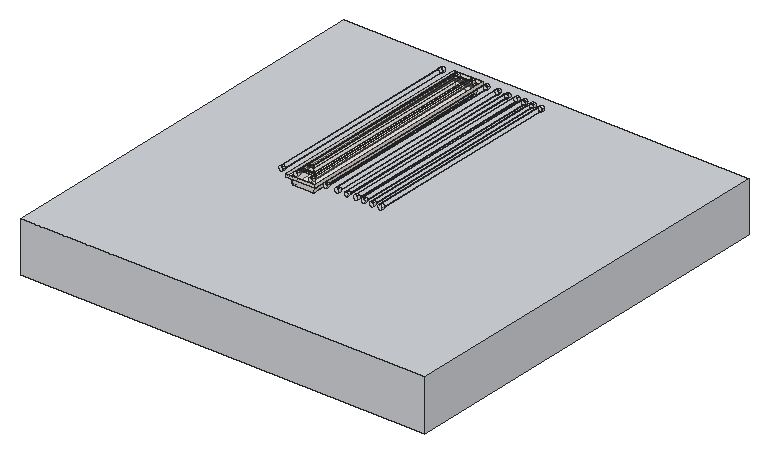
Revit family (continued)
Definition of nested family "Generic Component"
  Lines and regions (in)
    symbolic lines, style "Housing", not visible
      curve 5: line (-10.5, 0, 16.125) -> (-10.5, 0, 12.1875)
      curve 6: line (-10.42892, 0, 13.6186) -> (-8.5, 0, 12.26795)
      curve 7: line (-8.5, 0, 12.26795) -> (-7.73325, 0, 12.0625)
      curve 8: line (7.73325, 0, 12.0625) -> (8.5, 0, 12.26795)
      curve 9: line (8.5, 0, 12.26795) -> (10.4375, 0, 13.6246)
      curve 10: line (10.5, 0, 16.125) -> (11.375, 0, 16.125)
      curve 11: line (11.375, 0, 16.125) -> (11.375, 0, 16.68768)
      curve 12: line (11.375, 0, 16.68768) -> (11.875, 0, 16.68768)
      curve 13: line (11.875, 0, 16.68768) -> (11.875, 0, 16.75018)
      curve 14: line (-11.3125, 0, 16.75) -> (-11.875, 0, 16.75)
      curve 15: line (-11.3125, 0, 16.75) -> (-11.3125, 0, 16.1875)
      curve 16: line (-11.3125, 0, 16.1875) -> (-10.4375, 0, 16.1875)
      curve 17: line (-10.4375, 0, 16.1875) -> (-10.4375, 0, 13.7009)
      curve 18: line (-10.4375, 0, 13.7009) -> (-8.47318, 0, 12.32547)
      curve 19: line (-8.47318, 0, 12.32547) -> (-7.49177, 0, 12.0625)
      curve 20: line (-7.49177, 0, 12.0625) -> (7.49177, 0, 12.0625)
      curve 21: line (7.49177, 0, 12.0625) -> (8.47318, 0, 12.32547)
      curve 22: line (8.47318, 0, 12.32547) -> (10.4375, 0, 13.7009)
      curve 23: line (10.4375, 0, 13.7009) -> (10.4375, 0, 16.1875)
      curve 24: line (10.4375, 0, 16.1875) -> (11.3125, 0, 16.1875)
      curve 25: line (11.3125, 0, 16.1875) -> (11.3125, 0, 16.75018)
      curve 26: line (11.3125, 0, 16.75018) -> (11.875, 0, 16.75018)
      curve 27: line (-10.4375, 0, 13.60635) -> (-10.4375, 0, 12.24206)
      curve 28: line (-10.25794, 0, 12.0625) -> (-7.73325, 0, 12.0625)
      curve 29: arc (-10.25794, 0, 12.0625) -> (-10.32322, 0, 12.17678) -> (-10.4375, 0, 12.24206) r 0.25
      curve 30: arc (-10.3125, 0, 12) -> (-10.36742, 0, 12.13258) -> (-10.5, 0, 12.1875) r 0.1875
      curve 31: line (10.5, 0, 16.125) -> (10.5, 0, 12.1875)
      curve 32: line (10.4375, 0, 13.60635) -> (10.4375, 0, 12.24206)
      curve 33: line (10.25794, 0, 12.0625) -> (7.73325, 0, 12.0625)
      curve 34: arc (10.25794, 0, 12.0625) -> (10.32322, 0, 12.17678) -> (10.4375, 0, 12.24206) r 0.25
      curve 35: arc (10.3125, 0, 12) -> (10.36742, 0, 12.13258) -> (10.5, 0, 12.1875) r 0.1875
      curve 36: line (-10.3125, 0, 12) -> (10.3125, 0, 12)
  Dimensions and locks (in)
    "Offset": plane 4 "Bottom" to level
    "Height": plane 5 "Top" to plane 4 "Bottom"
    equal spacing: plane 6 "Right", plane 3 "Center (Left/Right)", plane 7 "Left"
    "Width": plane 6 "Right" to plane 7 "Left"
    "CTRL Length": plane 9 "Back" to plane 8 "Front"
    equal spacing: plane 8 "Front", plane 1 "Center (Front/Back)", plane 9 "Back"
